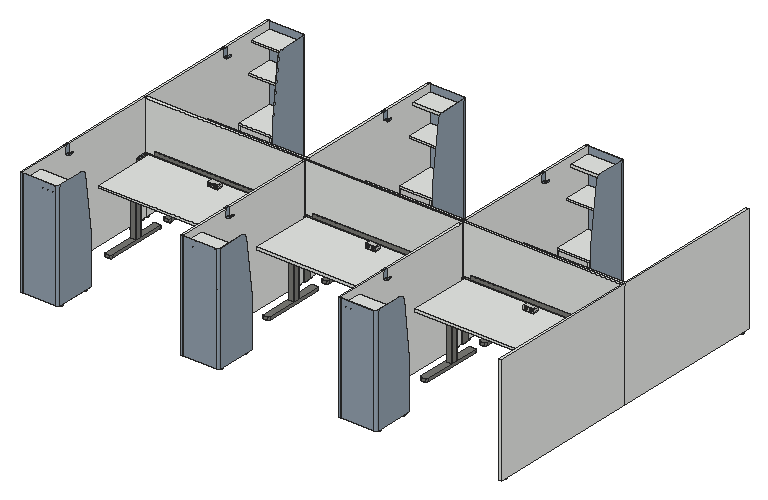
Revit family "Layout-Teknion-Expansion_Cityline_Height_Adjustable_Workstation_10-R2021", category Furniture Systems, Revit 2021 (continued)
Definition of nested family "Support-Teknion-JNXRMH_hiSpace_Quick_Connect_Height_Adjustable_Mechanism_Rectangular-R2021"
  Lines and regions (in)
    symbolic lines, detail levels fine
      curve 82: arc (28.17286, 10.28474, 0) -> (28.01586, 10.12774, 0) -> (27.85885, 10.28474, 0) r 0.157
      curve 83: arc (-29.00035, 10.28474, 0) -> (-28.0161, 11.26899, 0) -> (-27.03185, 10.28474, 0) r 0.98425
      curve 84: arc (-28.1731, 10.28474, 0) -> (-28.0161, 10.44174, 0) -> (-27.8591, 10.28474, 0) r 0.157
      curve 85: arc (-27.8591, 10.28474, 0) -> (-28.0161, 10.12774, 0) -> (-28.1731, 10.28474, 0) r 0.157
      curve 86: arc (-27.03185, 10.28474, 0) -> (-28.0161, 9.30049, 0) -> (-29.00035, 10.28474, 0) r 0.98425
      curve 87: arc (-27.03185, -10.28354, 0) -> (-28.0161, -9.29928, 0) -> (-29.00035, -10.28354, 0) r 0.98425
      curve 88: arc (-27.8591, -10.28354, 0) -> (-28.0161, -10.12653, 0) -> (-28.1731, -10.28354, 0) r 0.157
      curve 89: arc (-28.1731, -10.28354, 0) -> (-28.0161, -10.44054, 0) -> (-27.8591, -10.28354, 0) r 0.157
      curve 90: arc (-29.00035, -10.28354, 0) -> (-28.0161, -11.26779, 0) -> (-27.03185, -10.28354, 0) r 0.98425
    reference lines
      curve 91: line (-30.32, 11.5, 0) -> (30.32, 11.5, 0)
      curve 92: line (-30.32, -11.5, 0) -> (-30.32, 11.5, 0)
      curve 93: line (30.32, -11.5, 0) -> (-30.32, -11.5, 0)
      curve 94: line (30.32, 11.5, 0) -> (30.32, -11.5, 0)
  Dimensions and locks (in)
    plane 4 "Left" to plane 5 "Right" = 60.640"
    plane 6 "Back" to plane 7 "Front" = 23.31496"
    "Base Mechanism(Height)": plane 8 "Top" to level
    equal spacing: plane 6 "Back", plane 1 "Center Front/Back", plane 7 "Front"
    equal spacing: plane 4 "Left", plane 3 "Center Left/Right", plane 5 "Right"
    locked: Sweep 1 sketch curve to Sweep 1 sketch curve at 1.18898
    locked: Sweep 1 sketch curve to Sweep 1 sketch curve at 3.24409
    locked: plane 4 "Left" to Sweep 1 sketch curve at 0.68185
    locked: Sweep 1 sketch curve to plane 2 at 0.27559
    locked: Sweep 2 sketch curve to Sweep 2 sketch curve at 2.71654
    locked: Sweep 3 sketch curve to Sweep 3 sketch curve at 2.34646
    locked: Sweep 4 sketch curve to Sweep 4 sketch curve at 1.9685
    Sweep 2 sketch curve to Sweep 2 sketch curve = 2.71654"
    Sweep 3 sketch curve to Sweep 3 sketch curve = 2.34646"
    Sweep 4 sketch curve to Sweep 4 sketch curve = 1.9685"
    locked: Sweep 2 sketch curve to Sweep 2 sketch curve at 17.31496
    locked: Sweep 2 sketch curve to plane 4 "Left" at 2.28421
    locked: Sweep 1 to Sweep 2 sketch curve at 0.24409
    locked: Sweep 1 to Sweep 3 sketch curve at 0.44882
    locked: Sweep 4 sketch curve to plane 4 "Left" at 2.3039
    locked: Sweep 1 to Sweep 4 sketch curve at 0.6378
    locked: Sweep 5 sketch curve to Sweep 5 sketch curve at 3.79921
    locked: plane 1 "Center Front/Back" to Sweep 5 sketch curve at 0.13787
    Sweep 5 sketch curve to Sweep 5 sketch curve to Sweep 5 sketch curve = 0.21654" locked, 1.63386" locked
    Sweep 5 sketch curve to Sweep 5 sketch curve to Sweep 5 sketch curve to Sweep 5 sketch curve = 0.55118" locked, 0.40652" locked, 7.70372" locked
    locked: Revolve 6 sketch curve to plane 4 "Left" at 2.3039
    locked: Revolve 6 sketch curve to Revolve 6 sketch curve at 0.2315
    Revolve 6 sketch curve to Revolve 6 sketch curve to Revolve 6 sketch curve = 0.157" locked, 0.82725" locked
    locked: Revolve 7 sketch curve to Revolve 7 sketch curve at 0.2315
    Revolve 7 sketch curve to Revolve 7 sketch curve to Revolve 7 sketch curve = 0.157" locked, 0.82725" locked
    locked: Revolve 7 sketch curve to plane 5 "Right" at 2.30436
    Revolve 8 sketch curve to Revolve 8 sketch curve to Revolve 8 sketch curve = 0.157" locked, 0.82725" locked
    locked: Revolve 8 sketch curve to Revolve 8 sketch curve at 0.2315
    locked: Revolve 8 sketch curve to plane 4 "Left" at 2.3039
    Revolve 9 sketch curve to Revolve 9 sketch curve to Revolve 9 sketch curve = 0.157" locked, 0.82725" locked
    locked: Revolve 9 sketch curve to Revolve 9 sketch curve at 0.2315
    locked: Revolve 9 sketch curve to plane 5 "Right" at 2.30414
    locked: Sweep 10 sketch curve to Sweep 10 sketch curve at 1.7126
    equal spacing: Sweep 10 sketch curve, plane 3 "Center Left/Right", Sweep 10 sketch curve, locked at 4.6752 each
    plane 1 "Center Front/Back" to Sweep 10 sketch curve to Sweep 10 sketch curve = 0.11819" locked, 3.83858" locked
    locked: Sweep 11 sketch curve to Sweep 11 sketch curve at 0.07874
    locked: Sweep 11 sketch curve to plane 5 "Right" at 6.79209
    plane 7 "Front" to Sweep 11 sketch curve to Sweep 11 sketch curve = 0.88386" locked, 1.6378" locked
    Sweep 11 sketch curve to Sweep 11 sketch curve to plane 5 "Right" = 4.34646" locked, 2.44563" locked
    locked: Sweep 12 sketch curve to Sweep 12 sketch curve at 0.15748
    locked: Sweep 12 sketch curve to plane 5 "Right" at 4.61886
    Sweep 12 sketch curve to plane 10 to Sweep 12 sketch curve = 1.04127" locked, 0.95184" locked
    Sweep 12 sketch curve to Sweep 12 sketch curve to plane 5 "Right" = 3.73228" locked, 2.75272" locked
    plane 7 "Front" to Sweep 13 sketch curve to Sweep 13 sketch curve = 0.09843" locked, 0.47052" locked
    plane 8 "Top" to Sweep 13 sketch curve to Sweep 13 sketch curve = 0.75724" locked, 0.27165" locked
    locked: Sweep 14 sketch curve to Sweep 14 sketch curve at 3.79921
    Sweep 14 sketch curve to Sweep 14 sketch curve to Sweep 14 sketch curve = 0.21654" locked, 1.63386" locked
    Sweep 14 sketch curve to Sweep 14 sketch curve to Sweep 14 sketch curve to Sweep 14 sketch curve = 7.70372" locked, 0.40652" locked, 0.55118" locked
    locked: plane 1 "Center Front/Back" to Sweep 14 sketch curve at 0.13787
    locked: Sweep 15 sketch curve to Sweep 15 sketch curve at 1.18898
    locked: Sweep 15 sketch curve to Sweep 15 sketch curve at 3.24409
    locked: Sweep 15 sketch curve to plane 5 "Right" at 2.30436
    locked: Sweep 15 sketch curve to plane 5 "Right" at 0.68231
    locked: Sweep 16 sketch curve to Sweep 16 sketch curve at 2.71654
    locked: Sweep 17 sketch curve to Sweep 17 sketch curve at 2.34646
    locked: Sweep 18 sketch curve to Sweep 18 sketch curve at 1.9685
    Sweep 16 sketch curve to Sweep 16 sketch curve = 2.71654"
    Sweep 17 sketch curve to Sweep 17 sketch curve = 2.34646"
    Sweep 18 sketch curve to Sweep 18 sketch curve = 1.9685"
    locked: Sweep 16 sketch curve to Sweep 16 sketch curve at 17.31496
    locked: Sweep 16 sketch curve to plane 5 "Right" at 2.32404
    locked: plane 1 "Center Front/Back" to Sweep 16 sketch curve at 0.65953
    locked: Sweep 16 sketch curve to plane 5 "Right" at 0.96578
    locked: plane 1 "Center Front/Back" to Sweep 17 sketch curve at 0.86425
    locked: Sweep 17 sketch curve to plane 5 "Right" at 1.13113
    locked: Sweep 18 sketch curve to plane 5 "Right" at 2.30436
    locked: plane 1 "Center Front/Back" to Sweep 18 sketch curve at 1.05323
    locked: Sweep 18 sketch curve to plane 5 "Right" at 1.32011
    locked: plane 1 "Center Front/Back" to Sweep 19 sketch curve at 6.14969
    Sweep 19 sketch curve to plane 3 "Center Left/Right" to Sweep 19 sketch curve = 4.87008" locked, 4.87008" locked
    plane 8 "Top" to Sweep 19 sketch curve to Sweep 19 sketch curve = 0.14764" locked, 1.47638" locked
    plane 1 "Center Front/Back" to Sweep 19 sketch curve to Sweep 19 sketch curve = 6.07094" locked, 1.14173" locked
    Sweep 20 sketch curve to plane 3 "Center Left/Right" to Sweep 20 sketch curve = 5.98622" locked, 5.98622" locked
    locked: plane 1 "Center Front/Back" to Sweep 20 sketch curve at 7.27173
    Sweep 20 sketch curve to Sweep 20 sketch curve to Sweep 20 sketch curve = 1.56693" locked, 0.05906" locked
    plane 1 "Center Front/Back" to Sweep 20 sketch curve to Sweep 20 sketch curve to Sweep 20 sketch curve = 6.01189" locked, 1.20079" locked, 0.05906" locked
    locked: Sweep 21 sketch curve to Sweep 21 sketch curve at 0.12992
    plane 8 "Top" to Sweep 21 sketch curve to Sweep 21 sketch curve = 0.36083" locked, 1.050" locked  (x4)
    plane 3 "Center Left/Right" to Sweep 21 sketch curve to Sweep 21 sketch curve = 0.18169" locked, 1.050" locked
    Sweep 21 sketch curve to Sweep 21 sketch curve to plane 3 "Center Left/Right" = 1.050" locked, 0.02815" locked
    Sweep 21 sketch curve to Sweep 21 sketch curve to Sweep 21 sketch curve = 0.20984" locked, 1.050" locked  (x2)
    Sweep 21 sketch curve to Sweep 21 sketch curve to Sweep 21 sketch curve to Sweep 21 sketch curve to Sweep 21 sketch curve to Sweep 21 sketch curve = 0.03937" locked, 0.27008" locked, 0.03937" locked, 0.44134" locked, 0.17323" locked  (x4)
    Sweep 21 sketch curve to Sweep 21 sketch curve to Sweep 21 sketch curve to Sweep 21 sketch curve to Sweep 21 sketch curve to Sweep 21 sketch curve to Sweep 21 sketch curve = 0.24961" locked, 0.07205" locked, 0.0998" locked, 0.20709" locked, 0.1002" locked, 0.07205" locked  (x4)
    "Width": plane 12 to plane 11
    "Width Configuration Length": plane 12 to plane 4 "Left"
    "Width Configuration Length": plane 5 "Right" to plane 11
    "Depth": plane 6 "Back" to plane 13
    locked: plane 13 to plane 7 "Front" at 0.31496
    Sweep 11 to Sweep 13 sketch curve to Sweep 13 sketch curve = 0.19685" locked, 0.98031" locked
    Sweep 13 sketch curve to Sweep 12 to Sweep 13 sketch curve = 0.69685" locked, 4.42913" locked
    locked: plane 6 "Back" to plane 9 at 1.21526
    locked: plane 13 to plane 10 at 1.21646
    locked: plane 1 "Center Front/Back" to Sweep 2 sketch curve at 0.65953
    locked: plane 1 "Center Front/Back" to Sweep 3 sketch curve at 0.86425
    locked: plane 1 "Center Front/Back" to Sweep 4 sketch curve at 1.05323
    locked: nested 1 to Sweep 16 at 1.35827  (x2)
    locked: Sweep 2 to nested 2 at 1.35827
    locked: nested 2 to Sweep 2 at 1.35827
    locked: plane 16 to plane 2 at 18.77953
    locked: plane 8 "Top" to plane 14 at 1.85039
    equal spacing: plane 14, plane 15, plane 16
    locked: plane 8 "Top" to Sweep 4 sketch curve at 1.85039
    locked: Sweep 3 sketch curve to plane 4 "Left" at 2.25
    locked: Sweep 17 sketch curve to plane 5 "Right" at 2.25
    aligned and locked: level to plane 2
    aligned and locked: Sweep 1 sketch curve to plane 6 "Back"
    aligned and locked: Sweep 5 sketch curve to plane 4 "Left"
    aligned and locked: plane 4 "Left" to Sweep 5 sketch curve
    aligned and locked: Sweep 5 sketch curve to plane 8 "Top"
    aligned and locked: Sweep 1 to Revolve 6 sketch curve
    aligned and locked: level to Revolve 6 sketch curve
    aligned and locked: Revolve 6 sketch curve to Sweep 1
    aligned and locked: Revolve 6 sketch curve to level
    aligned and locked: Revolve 6 sketch curve to Revolve 6 sketch curve
    aligned and locked: Revolve 7 sketch curve to Revolve 7 sketch curve
    aligned and locked: Revolve 7 sketch curve to plane 2
    aligned and locked: Sweep 1 to Revolve 8 sketch curve
    aligned and locked: Revolve 6 to Revolve 8 sketch curve
    aligned and locked: Revolve 8 sketch curve to Sweep 1
    aligned and locked: Revolve 8 sketch curve to plane 2
    aligned and locked: Revolve 8 sketch curve to Revolve 8 sketch curve
    aligned and locked: Revolve 9 sketch curve to Revolve 9 sketch curve
    aligned and locked: Revolve 9 sketch curve to plane 2
    aligned and locked: plane 8 "Top" to Sweep 10 sketch curve
    aligned and locked: Sweep 10 sketch curve to plane 3 "Center Left/Right"
    aligned and locked: plane 8 "Top" to Sweep 11 sketch curve
    aligned and locked: Sweep 11 to Sweep 12 sketch curve
    aligned and locked: plane 5 "Right" to Sweep 14 sketch curve
    aligned and locked: plane 8 "Top" to Sweep 14 sketch curve
    aligned and locked: Sweep 14 sketch curve to plane 5 "Right"
    aligned and locked: Revolve 7 to Sweep 15 sketch curve
    aligned and locked: Sweep 15 sketch curve to plane 6 "Back"
    aligned and locked: Sweep 15 to Sweep 16 sketch curve
    aligned and locked: Sweep 20 sketch curve to plane 8 "Top"
    aligned and locked: Sweep 21 sketch curve to plane 3 "Center Left/Right"
    aligned and locked: Sweep 20 to Sweep 21 sketch curve
    aligned and locked: plane 13 to Sweep 1 sketch curve
    aligned and locked: plane 13 to Sweep 15 sketch curve
    aligned and locked: Masking region 1 sketch curve to Sweep 5  (x4)
    aligned and locked: Masking region 1 sketch curve to Sweep 1  (x4)
    aligned and locked: Masking region 1 sketch curve to Sweep 10  (x4)
    aligned and locked: Masking region 1 sketch curve to Sweep 14  (x4)
    aligned and locked: Sweep 15 to Masking region 1 sketch curve
    aligned and locked: Masking region 1 sketch curve to Sweep 15  (x3)
    aligned and locked: Masking region 1 sketch curve to Sweep 13  (x4)
    aligned and locked: Masking region 1 sketch curve to Sweep 11  (x2)
    aligned and locked: Masking region 2 sketch curve to Sweep 20  (x4)
    aligned and locked: Masking region 2 sketch curve to Sweep 21  (x6)
    aligned and locked: curve 1 to Sweep 5
    aligned and locked: curve 2 to Sweep 5
    aligned and locked: curve 3 to Sweep 14
    aligned and locked: curve 4 to Sweep 14
    aligned and locked: curve 8 to Sweep 11
    aligned and locked: curve 9 to Sweep 11
    aligned and locked: curve 10 to Sweep 11
    aligned and locked: curve 11 to Sweep 13
    aligned and locked: curve 14 to Sweep 13
    aligned and locked: curve 16 to Sweep 13
    aligned and locked: curve 17 to Sweep 21
    aligned and locked: curve 18 to Sweep 5
    aligned and locked: curve 19 to Sweep 1
    aligned and locked: curve 20 to Sweep 1
    aligned and locked: curve 23 to Sweep 4
    aligned and locked: curve 24 to Sweep 2
    aligned and locked: curve 26 to Sweep 4
    aligned and locked: curve 38 to Sweep 2
    aligned and locked: curve 39 to Sweep 4
    aligned and locked: curve 41 to Sweep 2
    aligned and locked: curve 42 to Sweep 4
    aligned and locked: curve 44 to Sweep 2
    aligned and locked: curve 45 to Sweep 20
    aligned and locked: curve 46 to Sweep 19
    aligned and locked: curve 47 to Sweep 19
    aligned and locked: curve 48 to Sweep 19
    aligned and locked: curve 49 to Sweep 14
    aligned and locked: curve 53 to Sweep 16
    aligned and locked: curve 55 to Sweep 18
    aligned and locked: curve 56 to Sweep 18
    aligned and locked: curve 58 to Sweep 16
    aligned and locked: curve 68 to Sweep 18
    aligned and locked: curve 70 to Sweep 16
    aligned and locked: curve 71 to Sweep 18
    aligned and locked: curve 73 to Sweep 16
    aligned and locked: curve 74 to Sweep 13
    aligned and locked: curve 75 to Revolve 7
    aligned and locked: curve 76 to Revolve 7
    aligned and locked: curve 77 to Revolve 7
    aligned and locked: curve 78 to Revolve 7
    aligned and locked: curve 79 to Revolve 9
    aligned and locked: curve 80 to Revolve 9
    aligned and locked: curve 81 to Revolve 9
    aligned and locked: curve 82 to Revolve 9
    aligned and locked: curve 83 to Revolve 8
    aligned and locked: curve 84 to Revolve 8
    aligned and locked: curve 85 to Revolve 8
    aligned and locked: curve 86 to Revolve 8
    aligned and locked: curve 87 to Revolve 6
    aligned and locked: curve 88 to Revolve 6
    aligned and locked: curve 89 to Revolve 6
    aligned and locked: curve 90 to Revolve 6
    aligned and locked: curve 91 to plane 6 "Back"
    aligned and locked: plane 13 to curve 93
    aligned and locked: plane 4 "Left" to curve 92
    aligned and locked: plane 5 "Right" to curve 94
    aligned and locked: Sweep 10 to nested 3
    aligned and locked: plane 3 "Center Left/Right" to nested 3
    aligned and locked: plane 15 to Sweep 4 sketch curve
    aligned and locked: plane 14 to Sweep 18 sketch curve
    aligned and locked: plane 15 to Sweep 18 sketch curve
    aligned and locked: plane 16 to Sweep 3 sketch curve
    aligned and locked: plane 15 to Sweep 3 sketch curve
    aligned and locked: plane 15 to Sweep 17 sketch curve
    aligned and locked: plane 16 to Sweep 17 sketch curve
  Automatic sketch dimensions
    Sweep 13 sketch curve to profile plane = 0.000"  (x2)
    Sweep 13 sketch curve to Sweep 13 sketch curve = 0.19685"
    Sweep 13 sketch curve to Sweep 13 sketch curve = 0.000"
    plane 4 "Left" to Sweep 1 sketch curve = 2.3039"
    Sweep 1 sketch curve to Sweep 1 sketch curve = 0.6378"  (x4)
    Sweep 2 sketch curve to Sweep 2 sketch curve = 0.1378"  (x4)
    Sweep 3 sketch curve to Sweep 3 sketch curve = 0.09843"  (x3)
    Sweep 3 sketch curve to Sweep 3 sketch curve = 0.0985"
    Sweep 3 sketch curve to Sweep 3 sketch curve = 0.00386"
    Sweep 4 sketch curve to Sweep 4 sketch curve = 0.09843"  (x4)
    Sweep 5 sketch curve to Sweep 5 sketch curve = 0.15748"
    Sweep 5 sketch curve to Sweep 5 sketch curve = 0.15211"
    Sweep 5 sketch curve to Sweep 5 sketch curve = 0.11672"
    Revolve 7 sketch curve to level = 0.000"
    Revolve 7 sketch curve to Revolve 7 sketch curve = 0.000"
    Revolve 9 sketch curve to level = 0.000"
    Revolve 9 sketch curve to Revolve 9 sketch curve = 0.04409"
    Revolve 9 sketch curve to Revolve 9 sketch curve = 0.000"
    profile plane to Sweep 10 sketch curve = 4.6752"
    Sweep 11 sketch curve to Sweep 11 sketch curve = 0.31496"  (x4)
    Sweep 14 sketch curve to Sweep 14 sketch curve = 0.15211"
    profile plane to Sweep 14 sketch curve = 0.15748"
    Sweep 14 sketch curve to Sweep 14 sketch curve = 0.11672"
    Sweep 15 sketch curve to Sweep 15 sketch curve = 0.6378"  (x4)
    Sweep 16 sketch curve to Sweep 16 sketch curve = 0.1378"  (x4)
    Sweep 17 sketch curve to Sweep 17 sketch curve = 0.09843"  (x3)
    Sweep 17 sketch curve to Sweep 17 sketch curve = 0.0985"
    Sweep 17 sketch curve to Sweep 17 sketch curve = 0.00386"
    Sweep 18 sketch curve to Sweep 18 sketch curve = 0.09843"  (x4)
    profile plane to Sweep 19 sketch curve = 0.00358"
    profile plane to Sweep 19 sketch curve = 0.00374"
    Sweep 19 sketch curve to Sweep 19 sketch curve = 0.99173"
    Sweep 19 sketch curve to Sweep 19 sketch curve = 0.075"
    Sweep 20 sketch curve to Sweep 20 sketch curve = 0.0315"
    Sweep 21 sketch curve to Sweep 21 sketch curve = 0.03954"
    Sweep 21 sketch curve to Sweep 21 sketch curve = 0.040"  (x15)
    Sweep 21 sketch curve to Sweep 21 sketch curve = 0.10354"  (x4)
    Revolve 7 sketch curve to Revolve 7 sketch curve = 0.04409"
    Masking region 1 sketch curve to Masking region 1 sketch curve = 3.05859"
    Masking region 1 sketch curve to Masking region 1 sketch curve = 0.93261"
    Masking region 1 sketch curve to plane 7 "Front" = 0.09843"  (x2)
    Masking region 1 sketch curve to Masking region 1 sketch curve = 0.33657"
    Masking region 1 sketch curve to Masking region 1 sketch curve = 0.19685"  (x2)
    Masking region 1 sketch curve to Masking region 1 sketch curve = 3.79921"
    Masking region 1 sketch curve to plane 1 "Center Front/Back" = 0.13787"  (x2)
    Masking region 1 sketch curve to Masking region 1 sketch curve = 0.000"
    Masking region 2 sketch curve to Masking region 2 sketch curve = 1.050"  (x2)
    Masking region 2 sketch curve to Masking region 2 sketch curve = 1.25984"
    Masking region 2 sketch curve to Masking region 2 sketch curve = 0.000"
    Masking region 2 sketch curve to Masking region 2 sketch curve = 0.12992"  (x5)
    Masking region 2 sketch curve to Masking region 2 sketch curve = 0.20984"
    Sweep 2 sketch curve to plane 16 = 0.000"
    curve 2 to plane 4 "Left" = 0.000"
    curve 1 to plane 4 "Left" = 0.000"
    curve 4 to plane 5 "Right" = 0.000"
    curve 3 to plane 5 "Right" = 0.000"
    curve 24 to curve 33 = 0.1378"
    curve 41 to curve 25 = 0.06693"
    curve 25 to curve 34 = 0.09843"
    curve 25 to curve 40 = 0.09843"
    curve 35 to curve 23 = 0.09843"
    curve 36 to curve 30 = 0.09843"
    curve 27 to curve 28 = 0.09232"
    curve 37 to curve 38 = 0.12598"
    curve 43 to curve 31 = 0.19508"
    curve 11 to curve 10 = 0.50787"
    curve 11 to curve 12 = 0.19685"
    curve 74 to curve 14 = 0.19685"
    curve 14 to curve 16 = 0.09843"
    curve 28 to curve 27 = 0.18898"
    curve 31 to curve 38 = 0.12992"
    curve 37 to curve 37 = 0.00386"
    curve 18 to curve 2 = 0.55118"
    curve 18 to curve 1 = 0.55118"
    curve 45 to curve 46 = 1.11614"
    curve 17 to plane 3 "Center Left/Right" = 1.23169"
    curve 17 to curve 47 = 1.27224"
    curve 47 to curve 45 = 1.11614"
    curve 4 to curve 49 = 0.55118"
    curve 3 to curve 49 = 0.55118"
    plane 13 to curve 13 = 0.07677"
    curve 13 to curve 13 = 0.19685"
    curve 74 to curve 10 = 0.19291"
    curve 7 to curve 10 = 0.000"
    plane 13 to curve 12 = 0.07677"
    curve 14 to plane 7 "Front" = 0.09843"
    plane 10 to curve 19 = 0.57867"
    plane 10 to curve 20 = 0.57867"
    plane 9 to curve 20 = 0.57747"
    plane 9 to curve 19 = 0.57747"
    curve 73 to curve 60 = 0.06693"
    curve 60 to curve 54 = 0.09843"
    curve 60 to curve 72 = 0.09843"
    curve 69 to curve 70 = 0.12598"
    curve 51 to curve 58 = 0.12598"
    curve 57 to curve 66 = 0.09843"
    curve 70 to curve 63 = 0.06693"
    curve 66 to curve 58 = 0.12992"
    curve 66 to curve 57 = 0.00386"
  Nested families (in)
    nested 1: "Teknion_2D_Node_Family-R2020" at (27.99596, 1.86031, 0), type "Teknion_2D_Node_Family-R2020"
    nested 2: "Teknion_2D_Node_Family-R2020" at (-28.03579, 1.86031, 0), type "Teknion_2D_Node_Family-R2020"
    nested 3: "Teknion_2D_Node_Family-R2020" at (0, -0.03929, 0), type "Teknion_2D_Node_Family-R2020"
  Definition of nested family "Teknion_2D_Node_Family-R2020"
    Reference planes (in)
      plane 1 "Center (Front/Back)": y = 0
      plane 2: z = 0
      plane 3 "Center (Left/Right)": x = 0
    Lines and regions (in)
      detail lines, in view "Ref. Level"
        curve 1: circle (0, 0, 0) r 1.25 normal (0, 0, 1)
        curve 2: line (1.91508, -1.91508, 0) -> (-1.91508, 1.91508, 0)
        curve 3: line (-1.91508, -1.91508, 0) -> (1.91508, 1.91508, 0)
Definition of nested family "Worksurface-Teknion-JNXRW_hiSpace_Rectangular_Worksurface_With_Quick_Connect_Kit-R2021"
  Parameters (values of type "Diamond & Square Cut-Outs - Left")
    Worksurface Finish [instance] = none
    Width Configuration Distance [instance] = if(Standard Width, 4.110", if([User Optimized Width (Accessory Restriction)], 1.110", 1.110"))  # 4.110"
    Width Configuration Option [instance] = "Select Width Configuration. Standard Width are Default"  # constant formula
    Width [instance] = 52.000"
    Warranty = "http://www.teknion.com/ca/papers/legal-canada"
    User Optimized Width (Accessory Restriction) [instance] = no
    Unit Weight URL = "http://www.teknion.com/ca/tools/assets#&asset=bee6a381-b954-425e-8283-5a2de3a804f2,f828d448-4b62-4231-9e5f-9a8991c0ed77"
    URL = "www.teknion.com"
    To render please download texture images found here [instance] = "https://assets.teknion.com/web/5e81352c1dfdb467/revit-material-swatches/"
    Sustainability Data = "https://www.teknion.com/ca/tools/assets#&topic=216f99a5-57a0-44fc-b10a-9dee9b29ae4c&asset=444deb64-fe58-4b68-981e-f75e97781df7,b4ff2d81-9f2e-437d-9659-7cffb09c31cf"
    Standard Width [instance] = not([User Optimized Width (Accessory Restriction)])  # yes
    Standard [instance] = no
    Square Cut-Out - Distance [instance] = if((and(Width < 48.000", Depth = 23.000")), 14.053", if((and(Width > 48.000", Depth = 23.000")), 15.553", 4.553"))  # 15.553"
    SR - Square Cut-Out - Right = no
    SL - Square Cut-Out - Left = no
    SC - Square Cut-Out - Center = no
    Series = "Expansion Cityline"  # constant formula
    Product Page URL = "https://www.teknion.com/ca/products/product-details?productLineId=9ad2a26e-8e7a-673b-a6c8-ff05004460c4"
    Product Line = "Height-Adjustability"  # constant formula
    Product Documentation Link = "https://www.teknion.com/pricing/expansion-cityline/pdfs/JNXRW_ppg.pdf"
    Part Number = "JNXRW"  # constant formula
    Node - Cut-Out Right [instance] = or([CR - Diamond & Square Cut-Outs - Right], [DR - Diamond Cut-Out - Right], [SR - Square Cut-Out - Right])  # no
    Node - Cut-Out Left [instance] = or([CL - Diamond & Square Cut-Outs - Left], [DL - Diamond Cut-Out - Left], [SL - Square Cut-Out - Left])  # yes
    Node - Cut-Out Center [instance] = or([CL - Diamond & Square Cut-Outs - Left], [CR - Diamond & Square Cut-Outs - Right], [DC - Diamond Cut-Out - Center], [SC - Square Cut-Out - Center])  # yes
    NN - None = no
    Model = "JNXRWCC____CL"
    Masking Region - Standard Corner, SR [instance] = and(Standard, [SR - Square Cut-Out - Right])  # no
    Masking Region - Standard Corner, SL [instance] = and(Standard, [SL - Square Cut-Out - Left])  # no
    Masking Region - Standard Corner, SC [instance] = and(Standard, [SC - Square Cut-Out - Center])  # no
    Masking Region - Standard Corner, NN [instance] = and(Standard, [NN - None])  # no
    Masking Region - Standard Corner, DR [instance] = and(Standard, [DR - Diamond Cut-Out - Right])  # no
    Masking Region - Standard Corner, DL [instance] = and(Standard, [DL - Diamond Cut-Out - Left])  # no
    Masking Region - Standard Corner, DC [instance] = and(Standard, [DC - Diamond Cut-Out - Center])  # no
    Masking Region - Standard Corner, CR [instance] = and(Standard, [CR - Diamond & Square Cut-Outs - Right])  # no
    Masking Region - Standard Corner, CL [instance] = and(Standard, [CL - Diamond & Square Cut-Outs - Left])  # no
    Masking Region - Curved Corner, SR [instance] = and(Curved, [SR - Square Cut-Out - Right])  # no
    Masking Region - Curved Corner, SL [instance] = and(Curved, [SL - Square Cut-Out - Left])  # no
    Masking Region - Curved Corner, SC [instance] = and(Curved, [SC - Square Cut-Out - Center])  # no
    Masking Region - Curved Corner, NN [instance] = and(Curved, [NN - None])  # no
    Masking Region - Curved Corner, DR [instance] = and(Curved, [DR - Diamond Cut-Out - Right])  # no
    Masking Region - Curved Corner, DL [instance] = and(Curved, [DL - Diamond Cut-Out - Left])  # no
    Masking Region - Curved Corner, DC [instance] = and(Curved, [DC - Diamond Cut-Out - Center])  # no
    Masking Region - Curved Corner, CR [instance] = and(Curved, [CR - Diamond & Square Cut-Outs - Right])  # no
    Masking Region - Curved Corner, CL [instance] = and(Curved, [CL - Diamond & Square Cut-Outs - Left])  # yes
    Manufacturer Phone = "416-661-3370"  # constant formula
    Manufacturer Fax = "416.661.4586"  # constant formula
    Manufacturer Contact Information = "http://www.teknion.com/ca/contactus"
    Manufacturer Address = "1150 Flint Road, Toronto, ON. M3J 2J5. Canada"  # constant formula
    Manufacturer = "Teknion"  # constant formula
    How To Use Teknion Materials User Guide [instance] = "https://assets.teknion.com/m/205dd0a49fa58060/original/How-to-add-a-Material-Library-and-Texture-Images-to-your-Revit-project.pdf"
    Grommet - Square Right = or([SR - Square Cut-Out - Right], [CR - Diamond & Square Cut-Outs - Right])  # no
    Grommet - Square Left = or([SL - Square Cut-Out - Left], [CL - Diamond & Square Cut-Outs - Left])  # yes
    Grommet - Square Center = [SC - Square Cut-Out - Center]  # no
    Frame Finish [instance] = none
    For Additional Finishes please visit [instance] = "https://assets.teknion.com/m/44a8009b046e5d47/original/Teknion_Materials_Library.zip"
    Diamond Cut-Out - Distance [instance] = if((Depth = 23.000"), 14.358", 3.358")  # 14.358"
    Description = "hiSpace Rectangular Worksurface With Quick Connect Kit - C-Legs Leg Application, Diamond & Square Cut-Outs - Left Cut-Out Style"
    Depth [instance] = 23.000"
    Default Elevation = 0.000"
    DR - Diamond Cut-Out - Right = no
    DL - Diamond Cut-Out - Left = no
    DC - Diamond Cut-Out - Center = no
    Cut-Out Style Option = "Cut-Out Style"  # constant formula
    Cut-Out - Square Right = if([SR - Square Cut-Out - Right], 10.000", if([CR - Diamond & Square Cut-Outs - Right], 10.000", 0.500"))  # 0.500"
    Cut-Out - Square Left = if([SL - Square Cut-Out - Left], 10.000", if([CL - Diamond & Square Cut-Outs - Left], 10.000", 0.500"))  # 10.000"
    Cut-Out - Square Center = if([SC - Square Cut-Out - Center], 10.000", 0.500")  # 0.500"
    Cut-Out - Diamond Right = if([DR - Diamond Cut-Out - Right], 10.000", 0.500")  # 0.500"
    Cut-Out - Diamond Left = if([DL - Diamond Cut-Out - Left], 10.000", 0.500")  # 0.500"
    Cut-Out - Diamond Center = if([DC - Diamond Cut-Out - Center], 10.000", if([CL - Diamond & Square Cut-Outs - Left], 10.000", if([CR - Diamond & Square Cut-Outs - Right], 10.000", 0.500")))  # 10.000"
    Curved [instance] = not(Standard)  # yes
    Corner Detail Option [instance] = "Select Corner Detail. Curved are Default"  # constant formula
    CR - Diamond & Square Cut-Outs - Right = no
    CL - Diamond & Square Cut-Outs - Left = yes
    Available Width [instance] = if([DC - Diamond Cut-Out - Center], "46, 52, 55, 58, 61, 64, 67 & 70 Inch", "46, 49, 52, 55, 58, 61, 64, 67 & 70 Inch")  # "46, 49, 52, 55, 58, 61, 64, 67 & 70 Inch"
    Available Depth [instance] = if(or([DL - Diamond Cut-Out - Left], [DR - Diamond Cut-Out - Right]), "23 & 29 Inch. Depth 23 Inch not Available for Width 46.", "23 & 29 Inch")  # "23 & 29 Inch"
    Assembly Code = "E2020200"
  Types (10): name | Width Configuration Distance | Width | User Optimized Width (Accessory Restriction) | Standard Width | Standard | Square Cut-Out - Distance | SR - Square Cut-Out - Right | SL - Square Cut-Out - Left | SC - Square Cut-Out - Center | Node - Cut-Out Right | Node - Cut-Out Left | Node - Cut-Out Center | NN - None | Model | Masking Region - Standard Corner, DC | Masking Region - Curved Corner, SR | Masking Region - Curved Corner, SL | Masking Region - Curved Corner, SC | Masking Region - Curved Corner, NN | Masking Region - Curved Corner, DR | Masking Region - Curved Corner, DL | Masking Region - Curved Corner, CR | Masking Region - Curved Corner, CL | Grommet - Square Right | Grommet - Square Left | Grommet - Square Center | Description | DR - Diamond Cut-Out - Right | DL - Diamond Cut-Out - Left | DC - Diamond Cut-Out - Center | Cut-Out - Square Right | Cut-Out - Square Left | Cut-Out - Square Center | Cut-Out - Diamond Right | Cut-Out - Diamond Left | Cut-Out - Diamond Center | Curved | CR - Diamond & Square Cut-Outs - Right | CL - Diamond & Square Cut-Outs - Left | Available Width | Available Depth
    (no name) | 4.110" | 52.000" | no | yes | no | 15.553" | no | no | no | no | yes | yes | no | "JNXRWCC____CL" | no | no | no | no | no | no | no | no | yes | no | yes | no | "hiSpace Rectangular Worksurface With Quick Connect Kit - C-Legs Leg Application, Diamond & Square Cut-Outs - Left Cut-Out Style" | no | no | no | 0.500" | 10.000" | 0.500" | 0.500" | 0.500" | 10.000" | yes | no | yes | "46, 49, 52, 55, 58, 61, 64, 67 & 70 Inch" | "23 & 29 Inch"
    Diamond & Square Cut-Outs - Left | 4.110" | 52.000" | no | yes | no | 15.553" | no | no | no | no | yes | yes | no | "JNXRWCC____CL" | no | no | no | no | no | no | no | no | yes | no | yes | no | "hiSpace Rectangular Worksurface With Quick Connect Kit - C-Legs Leg Application, Diamond & Square Cut-Outs - Left Cut-Out Style" | no | no | no | 0.500" | 10.000" | 0.500" | 0.500" | 0.500" | 10.000" | yes | no | yes | "46, 49, 52, 55, 58, 61, 64, 67 & 70 Inch" | "23 & 29 Inch"
    Diamond & Square Cut-Outs - Right | 4.110" | 70.000" | no | yes | no | 15.553" | no | no | no | yes | no | yes | no | "JNXRWCC____CR" | no | no | no | no | no | no | no | yes | no | yes | no | no | "hiSpace Rectangular Worksurface With Quick Connect Kit - C-Legs Leg Application, Diamond & Square Cut-Outs - Right Cut-Out Style" | no | no | no | 10.000" | 0.500" | 0.500" | 0.500" | 0.500" | 10.000" | yes | yes | no | "46, 49, 52, 55, 58, 61, 64, 67 & 70 Inch" | "23 & 29 Inch"
    Diamond Cut-Out - Center | 1.110" | 52.000" | yes | no | yes | 15.553" | no | no | no | no | no | yes | no | "JNXRWCC____DC" | yes | no | no | no | no | no | no | no | no | no | no | no | "hiSpace Rectangular Worksurface With Quick Connect Kit - C-Legs Leg Application, Diamond Cut-Out - Center Cut-Out Style" | no | no | yes | 0.500" | 0.500" | 0.500" | 0.500" | 0.500" | 10.000" | no | no | no | "46, 52, 55, 58, 61, 64, 67 & 70 Inch" | "23 & 29 Inch"
    Diamond Cut-Out - Left | 4.110" | 52.000" | no | yes | no | 15.553" | no | no | no | no | yes | no | no | "JNXRWCC____DL" | no | no | no | no | no | no | yes | no | no | no | no | no | "hiSpace Rectangular Worksurface With Quick Connect Kit - C-Legs Leg Application, Diamond Cut-Out - Left Cut-Out Style" | no | yes | no | 0.500" | 0.500" | 0.500" | 0.500" | 10.000" | 0.500" | yes | no | no | "46, 49, 52, 55, 58, 61, 64, 67 & 70 Inch" | "23 & 29 Inch. Depth 23 Inch not Available for Width 46."
    Diamond Cut-Out - Right | 4.110" | 52.000" | no | yes | no | 15.553" | no | no | no | yes | no | no | no | "JNXRWCC____DR" | no | no | no | no | no | yes | no | no | no | no | no | no | "hiSpace Rectangular Worksurface With Quick Connect Kit - C-Legs Leg Application, Diamond Cut-Out - Right Cut-Out Style" | yes | no | no | 0.500" | 0.500" | 0.500" | 10.000" | 0.500" | 0.500" | yes | no | no | "46, 49, 52, 55, 58, 61, 64, 67 & 70 Inch" | "23 & 29 Inch. Depth 23 Inch not Available for Width 46."
    None Cut-Out | 4.110" | 52.000" | no | yes | no | 15.553" | no | no | no | no | no | no | yes | "JNXRWCC____NN" | no | no | no | no | yes | no | no | no | no | no | no | no | "hiSpace Rectangular Worksurface With Quick Connect Kit - C-Legs Leg Application, None Cut-Out Style" | no | no | no | 0.500" | 0.500" | 0.500" | 0.500" | 0.500" | 0.500" | yes | no | no | "46, 49, 52, 55, 58, 61, 64, 67 & 70 Inch" | "23 & 29 Inch"
    Square Cut-Out - Center | 4.110" | 52.000" | no | yes | no | 15.553" | no | no | yes | no | no | yes | no | "JNXRWCC____SC" | no | no | no | yes | no | no | no | no | no | no | no | yes | "hiSpace Rectangular Worksurface With Quick Connect Kit - C-Legs Leg Application, Square Cut-Out - Center Cut-Out Style" | no | no | no | 0.500" | 0.500" | 10.000" | 0.500" | 0.500" | 0.500" | yes | no | no | "46, 49, 52, 55, 58, 61, 64, 67 & 70 Inch" | "23 & 29 Inch"
    Square Cut-Out - Left | 4.110" | 46.000" | no | yes | no | 14.053" | no | yes | no | no | yes | no | no | "JNXRWCC____SL" | no | no | yes | no | no | no | no | no | no | no | yes | no | "hiSpace Rectangular Worksurface With Quick Connect Kit - C-Legs Leg Application, Square Cut-Out - Left Cut-Out Style" | no | no | no | 0.500" | 10.000" | 0.500" | 0.500" | 0.500" | 0.500" | yes | no | no | "46, 49, 52, 55, 58, 61, 64, 67 & 70 Inch" | "23 & 29 Inch"
    Square Cut-Out - Right | 4.110" | 52.000" | no | yes | no | 15.553" | yes | no | no | yes | no | no | no | "JNXRWCC____SR" | no | yes | no | no | no | no | no | no | no | yes | no | no | "hiSpace Rectangular Worksurface With Quick Connect Kit - C-Legs Leg Application, Square Cut-Out - Right Cut-Out Style" | no | no | no | 10.000" | 0.500" | 0.500" | 0.500" | 0.500" | 0.500" | yes | no | no | "46, 49, 52, 55, 58, 61, 64, 67 & 70 Inch" | "23 & 29 Inch"
  Reference planes (in)
    plane 1 "Center Front/Back": y = 0
    plane 2: z = 0
    plane 3 "Center Left/Right": x = 0
    plane 4 "Left": x = -26
    plane 5 "Right": x = 26
    plane 6 "Back": y = 11.5
    plane 7 "Front": y = -11.5
    plane 8 "Top": z = 29
    plane 9: x = -21.89
    plane 10: x = 21.89
    plane 11: z = 27.81102
  Forms (in)
    Sweep 1, solid, material <- "Worksurface Finish", visible <- "Standard"
      path origin (0, 0, 0) x (1, 0, 0) y (0, 0, 1)
        loop
          line (0, 29) -> (0, 27.81102)
      profile origin (0, 0, 28.40551) x (0, -1, 0) y (1, 0, 0)
        loop
          line (-11.5, -26) -> (11.5, -26) -> (11.5, 26) -> (-11.5, 26) -> (-11.5, -26)
    Sweep 2, solid, material <- "Frame Finish"
      path origin (0, 0, 0) x (1, 0, 0) y (0, 1, 0)
        loop
          line (20.55118, 0) -> (-20.55118, 0)
      profile origin (0, 0, 0) x (0, -1, 0) y (0, 0, 1)
        loop
          line (1.34638, 27.69291) -> (2.09441, 27.69291) -> (2.09441, 27.81102) -> (1.22827, 27.81102) -> (1.22827, 26.70866) -> (1.34638, 26.70866) -> (1.34638, 27.69291)
        loop
          line (-5.10638, 26.70866) -> (-4.98827, 26.70866) -> (-4.98827, 27.81102) -> (-5.85441, 27.81102) -> (-5.85441, 27.69291) -> (-5.10638, 27.69291) -> (-5.10638, 26.70866)
    Sweep 3, solid, material <- "Frame Finish"
      path origin (0, 0, 0) x (1, 0, 0) y (0, 1, 0)
        loop
          line (0, 9.75402) -> (0, -5.99402)
      profile origin (0, 1.88, 0) x (1, 0, 0) y (0, 0, 1)
        loop
          line (-21.77189, 27.69291) -> (-20.61047, 27.69291) -> (-20.61047, 27.81102) -> (-21.89, 27.81102) -> (-21.89, 26.59055) -> (-21.77189, 26.59055) -> (-21.77189, 27.69291)
        loop
          line (21.77189, 27.69291) -> (21.77189, 26.59055) -> (21.89, 26.59055) -> (21.89, 27.81102) -> (20.61047, 27.81102) -> (20.61047, 27.69291) -> (21.77189, 27.69291)
    Sweep 4, solid, material <- "Frame Finish"
      path origin (0, 0, 0) x (1, 0, 0) y (0, 1, 0)
        loop
          line (-9.17346, 0) -> (-20.61047, 0)
      profile origin (-14.89197, 0, 0) x (0, -1, 0) y (0, 0, 1)
        loop
          line (0.03929, 26.62205) -> (1.22827, 26.62205) -> (1.22827, 27.81102) -> (0.03929, 27.81102) -> (0.03929, 26.62205)
        loop
          line (-4.98827, 26.62205) -> (-3.79929, 26.62205) -> (-3.79929, 27.81102) -> (-4.98827, 27.81102) -> (-4.98827, 26.62205)
    Sweep 5, solid, material <- "Frame Finish"
      path origin (0, 0, 0) x (1, 0, 0) y (0, 1, 0)
        loop
          line (9.17346, 0) -> (20.61047, 0)
      profile origin (14.89197, 0, 0) x (0, 1, 0) y (0, 0, 1)
        loop
          line (-0.03929, 26.62205) -> (-0.03929, 27.81102) -> (-1.22827, 27.81102) -> (-1.22827, 26.62205) -> (-0.03929, 26.62205)
        loop
          line (3.79929, 26.62205) -> (4.98827, 26.62205) -> (4.98827, 27.81102) -> (3.79929, 27.81102) -> (3.79929, 26.62205)
    Sweep 6, solid, material <- "Frame Finish"
      path origin (0, 0, 0) x (1, 0, 0) y (0, 0, 1)
        loop
          line (0, 27.69291) -> (0, 27.81102)
      profile origin (0, 0, 27.75197) x (-1, 0, 0) y (0, -1, 0)
        loop
          line (11.92937, -3.79929) -> (11.92937, 0.03929) -> (10.74827, 0.03929) -> (10.74827, -0.80414)
          arc (10.74827, -0.80414) -> (11.31913, -1.88) -> (10.74827, -2.95586) r 1.29921
          line (10.74827, -2.95586) -> (10.74827, -3.79929) -> (11.92937, -3.79929)
        loop
          line (-11.92937, 0.03929) -> (-11.92937, -3.79929) -> (-10.74827, -3.79929) -> (-10.74827, -2.95586)
          arc (-10.74827, -2.95586) -> (-11.31913, -1.88) -> (-10.74827, -0.80414) r 1.29921
          line (-10.74827, -0.80414) -> (-10.74827, 0.03929) -> (-11.92937, 0.03929)
    Sweep 7, solid, material <- "Worksurface Finish", visible <- "Curved"
      path origin (0, 0, 0) x (1, 0, 0) y (0, 0, 1)
        loop
          line (0, 29) -> (0, 27.81102)
      profile origin (0, 0, 28.40551) x (0, -1, 0) y (1, 0, 0)
        loop
          line (-8.62598, -26) -> (8.62598, -26)
          arc (8.62598, -26) -> (10.65822, -25.15822) -> (11.5, -23.12598) r 2.87402
          line (11.5, -23.12598) -> (11.5, 23.12598)
          arc (11.5, 23.12598) -> (10.65822, 25.15822) -> (8.62598, 26) r 2.87402
          line (8.62598, 26) -> (-8.62598, 26)
          arc (-8.62598, 26) -> (-10.65822, 25.15822) -> (-11.5, 23.12598) r 2.87402
          line (-11.5, 23.12598) -> (-11.5, -23.12598)
          arc (-11.5, -23.12598) -> (-10.65822, -25.15822) -> (-8.62598, -26) r 2.87402
    Sweep 8, void
      path origin (0, 0, 0) x (1, 0, 0) y (0, 0, 1)
        loop
          line (0, 33) -> (0, 32.5)
      profile origin (0, 0, 32.75) x (0, -1, 0) y (1, 0, 0)
        loop
          arc (-8.58465, 10.447) -> (-8.83965, 10.34137) -> (-8.94528, 10.08637) r 0.36063
          line (-8.94528, 10.08637) -> (-8.94528, 8.91314)
          arc (-8.94528, 8.91314) -> (-8.83965, 8.65814) -> (-8.58465, 8.55251) r 0.36063
          line (-8.58465, 8.55251) -> (-7.41142, 8.55251)
          arc (-7.41142, 8.55251) -> (-7.15641, 8.65814) -> (-7.05079, 8.91314) r 0.36063
          line (-7.05079, 8.91314) -> (-7.05079, 10.08637)
          arc (-7.05079, 10.08637) -> (-7.15641, 10.34137) -> (-7.41142, 10.447) r 0.36063
          line (-7.41142, 10.447) -> (-8.58465, 10.447)
    Sweep 9, void
      path origin (0, 0, 0) x (1, 0, 0) y (0, 0, 1)
        loop
          line (0, 33) -> (0, 23)
      profile origin (0, 0, 28) x (0, -1, 0) y (1, 0, 0)
        loop
          line (-7.41142, -8.55251) -> (-8.58465, -8.55251)
          arc (-8.58465, -8.55251) -> (-8.83965, -8.65814) -> (-8.94528, -8.91314) r 0.36063
          line (-8.94528, -8.91314) -> (-8.94528, -10.08637)
          arc (-8.94528, -10.08637) -> (-8.83965, -10.34137) -> (-8.58465, -10.447) r 0.36063
          line (-8.58465, -10.447) -> (-7.41142, -10.447)
          arc (-7.41142, -10.447) -> (-7.15641, -10.34137) -> (-7.05079, -10.08637) r 0.36063
          line (-7.05079, -10.08637) -> (-7.05079, -8.91314)
          arc (-7.05079, -8.91314) -> (-7.15641, -8.65814) -> (-7.41142, -8.55251) r 0.36063
    Sweep 10, void
      path origin (0, 0, 0) x (1, 0, 0) y (0, 0, 1)
        loop
          line (0, 33) -> (0, 32.5)
      profile origin (0, 0, 32.75) x (0, -1, 0) y (1, 0, 0)
        loop
          arc (-8.58465, 0.94724) -> (-8.83965, 0.84162) -> (-8.94528, 0.58661) r 0.36063
          line (-8.94528, 0.58661) -> (-8.94528, -0.58661)
          arc (-8.94528, -0.58661) -> (-8.83965, -0.84162) -> (-8.58465, -0.94724) r 0.36063
          line (-8.58465, -0.94724) -> (-7.41142, -0.94724)
          arc (-7.41142, -0.94724) -> (-7.15641, -0.84162) -> (-7.05079, -0.58661) r 0.36063
          line (-7.05079, -0.58661) -> (-7.05079, 0.58661)
          arc (-7.05079, 0.58661) -> (-7.15641, 0.84162) -> (-7.41142, 0.94724) r 0.36063
          line (-7.41142, 0.94724) -> (-8.58465, 0.94724)
    Sweep 11, solid, visible <- "Grommet - Square Center"
      path origin (0, 0, 0) x (1, 0, 0) y (0, 0, 1)
        loop
          line (0, 29) -> (0, 27.44488)
      profile origin (0, 0, 28.22244) x (0, -1, 0) y (1, 0, 0)
        loop
          arc (-8.87441, -0.58661) -> (-8.78954, -0.79151) -> (-8.58465, -0.87638) r 0.28976
          line (-8.58465, -0.87638) -> (-7.41142, -0.87638)
          arc (-7.41142, -0.87638) -> (-7.20652, -0.79151) -> (-7.12165, -0.58661) r 0.28976
          line (-7.12165, -0.58661) -> (-7.12165, 0.58661)
          arc (-7.12165, 0.58661) -> (-7.20652, 0.79151) -> (-7.41142, 0.87638) r 0.28976
          line (-7.41142, 0.87638) -> (-8.58465, 0.87638)
          arc (-8.58465, 0.87638) -> (-8.78954, 0.79151) -> (-8.87441, 0.58661) r 0.28976
          line (-8.87441, 0.58661) -> (-8.87441, -0.58661)
        loop
          arc (-8.94528, -0.58661) -> (-8.83965, -0.84162) -> (-8.58465, -0.94724) r 0.36063
          line (-8.58465, -0.94724) -> (-7.41142, -0.94724)
          arc (-7.41142, -0.94724) -> (-7.15641, -0.84162) -> (-7.05079, -0.58661) r 0.36063
          line (-7.05079, -0.58661) -> (-7.05079, 0.58661)
          arc (-7.05079, 0.58661) -> (-7.15641, 0.84162) -> (-7.41142, 0.94724) r 0.36063
          line (-7.41142, 0.94724) -> (-8.58465, 0.94724)
          arc (-8.58465, 0.94724) -> (-8.83965, 0.84162) -> (-8.94528, 0.58661) r 0.36063
          line (-8.94528, 0.58661) -> (-8.94528, -0.58661)
    Sweep 12, solid, visible <- "Grommet - Square Right"
      path origin (0, 0, 0) x (1, 0, 0) y (0, 0, 1)
        loop
          line (26, 27.44488) -> (26, 29)
      profile origin (26, 0, 28.22244) x (-1, 0, 0) y (0, -1, 0)
        loop
          arc (17.08686, -8.87441) -> (17.29175, -8.78954) -> (17.37662, -8.58465) r 0.28976
          line (17.37662, -8.58465) -> (17.37662, -7.41142)
          arc (17.37662, -7.41142) -> (17.29175, -7.20652) -> (17.08686, -7.12165) r 0.28976
          line (17.08686, -7.12165) -> (15.91363, -7.12165)
          arc (15.91363, -7.12165) -> (15.70874, -7.20652) -> (15.62387, -7.41142) r 0.28976
          line (15.62387, -7.41142) -> (15.62387, -8.58465)
          arc (15.62387, -8.58465) -> (15.70874, -8.78954) -> (15.91363, -8.87441) r 0.28976
          line (15.91363, -8.87441) -> (17.08686, -8.87441)
        loop
          line (15.91363, -8.94528) -> (17.08686, -8.94528)
          arc (17.08686, -8.94528) -> (17.34186, -8.83965) -> (17.44749, -8.58465) r 0.36063
          line (17.44749, -8.58465) -> (17.44749, -7.41142)
          arc (17.44749, -7.41142) -> (17.34186, -7.15641) -> (17.08686, -7.05079) r 0.36063
          line (17.08686, -7.05079) -> (15.91363, -7.05079)
          arc (15.91363, -7.05079) -> (15.65863, -7.15641) -> (15.553, -7.41142) r 0.36063
          line (15.553, -7.41142) -> (15.553, -8.58465)
          arc (15.553, -8.58465) -> (15.65863, -8.83965) -> (15.91363, -8.94528) r 0.36063
    Sweep 13, solid, visible <- "Grommet - Square Left"
      path origin (0, 0, 0) x (1, 0, 0) y (0, 0, 1)
        loop
          line (-26, 27.44488) -> (-26, 29)
      profile origin (-26, 0, 28.22244) x (-1, 0, 0) y (0, -1, 0)
        loop
          arc (-15.91363, -8.87441) -> (-15.70874, -8.78954) -> (-15.62387, -8.58465) r 0.28976
          line (-15.62387, -8.58465) -> (-15.62387, -7.41142)
          arc (-15.62387, -7.41142) -> (-15.70874, -7.20652) -> (-15.91363, -7.12165) r 0.28976
          line (-15.91363, -7.12165) -> (-17.08686, -7.12165)
          arc (-17.08686, -7.12165) -> (-17.29175, -7.20652) -> (-17.37662, -7.41142) r 0.28976
          line (-17.37662, -7.41142) -> (-17.37662, -8.58465)
          arc (-17.37662, -8.58465) -> (-17.29175, -8.78954) -> (-17.08686, -8.87441) r 0.28976
          line (-17.08686, -8.87441) -> (-15.91363, -8.87441)
        loop
          line (-17.08686, -8.94528) -> (-15.91363, -8.94528)
          arc (-15.91363, -8.94528) -> (-15.65863, -8.83965) -> (-15.553, -8.58465) r 0.36063
          line (-15.553, -8.58465) -> (-15.553, -7.41142)
          arc (-15.553, -7.41142) -> (-15.65863, -7.15641) -> (-15.91363, -7.05079) r 0.36063
          line (-15.91363, -7.05079) -> (-17.08686, -7.05079)
          arc (-17.08686, -7.05079) -> (-17.34186, -7.15641) -> (-17.44749, -7.41142) r 0.36063
          line (-17.44749, -7.41142) -> (-17.44749, -8.58465)
          arc (-17.44749, -8.58465) -> (-17.34186, -8.83965) -> (-17.08686, -8.94528) r 0.36063
    Sweep 14, void
      path origin (0, 0, 0) x (1, 0, 0) y (0, 0, 1)
        loop
          line (0, 34) -> (0, 24)
      profile origin (0, 0, 29) x (0, -1, 0) y (1, 0, 0)
        loop
          arc (-9.02424, 0.29194) -> (-9.06496, 0) -> (-9.02424, -0.29194) r 1.06693
          line (-9.02424, -0.29194) -> (-8.49788, -2.1422)
          arc (-8.49788, -2.1422) -> (-7.99803, -2.51969) -> (-7.49818, -2.1422) r 0.51969
          line (-7.49818, -2.1422) -> (-6.97182, -0.29194)
          arc (-6.97182, -0.29194) -> (-6.9311, 0) -> (-6.97182, 0.29194) r 1.06693
          line (-6.97182, 0.29194) -> (-7.49818, 2.1422)
          arc (-7.49818, 2.1422) -> (-7.99803, 2.51969) -> (-8.49788, 2.1422) r 0.51969
          line (-8.49788, 2.1422) -> (-9.02424, 0.29194)
    Sweep 15, void
      path origin (0, 0, 0) x (1, 0, 0) y (0, 0, 1)
        loop
          line (0, 34) -> (0, 33.5)
      profile origin (0, 0, 33.75) x (0, -1, 0) y (1, 0, 0)
        loop
          line (-9.02424, -9.79174) -> (-8.49788, -11.642)
          arc (-8.49788, -11.642) -> (-7.99803, -12.01949) -> (-7.49818, -11.642) r 0.51969
          line (-7.49818, -11.642) -> (-6.97182, -9.79174)
          arc (-6.97182, -9.79174) -> (-6.9311, -9.4998) -> (-6.97182, -9.20787) r 1.06693
          line (-6.97182, -9.20787) -> (-7.49818, -7.35761)
          arc (-7.49818, -7.35761) -> (-7.99803, -6.98012) -> (-8.49788, -7.35761) r 0.51969
          line (-8.49788, -7.35761) -> (-9.02424, -9.20787)
          arc (-9.02424, -9.20787) -> (-9.06496, -9.4998) -> (-9.02424, -9.79174) r 1.06693
    Sweep 16, void
      path origin (0, 0, 0) x (1, 0, 0) y (0, 0, 1)
        loop
          line (0, 34) -> (0, 33.5)
      profile origin (0, 0, 33.75) x (0, -1, 0) y (1, 0, 0)
        loop
          arc (-9.02424, 9.79174) -> (-9.06496, 9.4998) -> (-9.02424, 9.20787) r 1.06693
          line (-9.02424, 9.20787) -> (-8.49788, 7.35761)
          arc (-8.49788, 7.35761) -> (-7.99803, 6.98012) -> (-7.49818, 7.35761) r 0.51969
          line (-7.49818, 7.35761) -> (-6.97182, 9.20787)
          arc (-6.97182, 9.20787) -> (-6.9311, 9.4998) -> (-6.97182, 9.79174) r 1.06693
          line (-6.97182, 9.79174) -> (-7.49818, 11.642)
          arc (-7.49818, 11.642) -> (-7.99803, 12.01949) -> (-8.49788, 11.642) r 0.51969
          line (-8.49788, 11.642) -> (-9.02424, 9.79174)
  Cuts and joins
    Sweep 8, Sweep 9, Sweep 10, Sweep 14, Sweep 15, Sweep 16 cuts Sweep 7
    Sweep 8, Sweep 9, Sweep 10, Sweep 14, Sweep 15, Sweep 16 cuts Sweep 1
  Lines and regions (in)
    Masking region 1, visible <- "Masking Region - Standard Corner, NN"
      outline origin (0, 0, 0) x (1, 0, 0) y (0, 1, 0)
        loop
          line (26, 11.5) -> (-26, 11.5) -> (-26, -11.5) -> (26, -11.5) -> (26, 11.5)
    Masking region 2, visible <- "Masking Region - Curved Corner, NN"
      outline origin (0, 0, 0) x (1, 0, 0) y (0, 1, 0)
        loop
          arc (-23.12598, 11.5) -> (-25.15822, 10.65822) -> (-26, 8.62598) r 2.87402
          line (-26, 8.62598) -> (-26, -8.62598)
          arc (-26, -8.62598) -> (-25.15822, -10.65822) -> (-23.12598, -11.5) r 2.87402
          line (-23.12598, -11.5) -> (23.12598, -11.5)
          arc (23.12598, -11.5) -> (25.15822, -10.65822) -> (26, -8.62598) r 2.87402
          line (26, -8.62598) -> (26, 8.62598)
          arc (26, 8.62598) -> (25.15822, 10.65822) -> (23.12598, 11.5) r 2.87402
          line (23.12598, 11.5) -> (-23.12598, 11.5)
    Masking region 3, visible <- "Masking Region - Standard Corner, SC"
      outline origin (0, 0, 0) x (1, 0, 0) y (0, 1, 0)
        loop
          line (26, 11.5) -> (-26, 11.5) -> (-26, -11.5) -> (26, -11.5) -> (26, 11.5)
        loop
          arc (-0.58661, 8.87441) -> (-0.79151, 8.78954) -> (-0.87638, 8.58465) r 0.28976
          line (-0.87638, 8.58465) -> (-0.87638, 7.41142)
          arc (-0.87638, 7.41142) -> (-0.79151, 7.20652) -> (-0.58661, 7.12165) r 0.28976
          line (-0.58661, 7.12165) -> (0.58661, 7.12165)
          arc (0.58661, 7.12165) -> (0.79151, 7.20652) -> (0.87638, 7.41142) r 0.28976
          line (0.87638, 7.41142) -> (0.87638, 8.58465)
          arc (0.87638, 8.58465) -> (0.79151, 8.78954) -> (0.58661, 8.87441) r 0.28976
          line (0.58661, 8.87441) -> (-0.58661, 8.87441)
    Masking region 4, visible <- "Masking Region - Curved Corner, SC"
      outline origin (0, 0, 0) x (1, 0, 0) y (0, 1, 0)
        loop
          arc (-23.12598, 11.5) -> (-25.15822, 10.65822) -> (-26, 8.62598) r 2.87402
          line (-26, 8.62598) -> (-26, -8.62598)
          arc (-26, -8.62598) -> (-25.15822, -10.65822) -> (-23.12598, -11.5) r 2.87402
          line (-23.12598, -11.5) -> (23.12598, -11.5)
          arc (23.12598, -11.5) -> (25.15822, -10.65822) -> (26, -8.62598) r 2.87402
          line (26, -8.62598) -> (26, 8.62598)
          arc (26, 8.62598) -> (25.15822, 10.65822) -> (23.12598, 11.5) r 2.87402
          line (23.12598, 11.5) -> (-23.12598, 11.5)
        loop
          arc (-0.58661, 8.87441) -> (-0.79151, 8.78954) -> (-0.87638, 8.58465) r 0.28976
          line (-0.87638, 8.58465) -> (-0.87638, 7.41142)
          arc (-0.87638, 7.41142) -> (-0.79151, 7.20652) -> (-0.58661, 7.12165) r 0.28976
          line (-0.58661, 7.12165) -> (0.58661, 7.12165)
          arc (0.58661, 7.12165) -> (0.79151, 7.20652) -> (0.87638, 7.41142) r 0.28976
          line (0.87638, 7.41142) -> (0.87638, 8.58465)
          arc (0.87638, 8.58465) -> (0.79151, 8.78954) -> (0.58661, 8.87441) r 0.28976
          line (0.58661, 8.87441) -> (-0.58661, 8.87441)
    Masking region 5, visible <- "Masking Region - Standard Corner, SL"
      outline origin (0, 0, 0) x (1, 0, 0) y (0, 1, 0)
        loop
          line (26, 11.5) -> (-26, 11.5) -> (-26, -11.5) -> (26, -11.5) -> (26, 11.5)
        loop
          arc (-10.08637, 8.87441) -> (-10.29126, 8.78954) -> (-10.37613, 8.58465) r 0.28976
          line (-10.37613, 8.58465) -> (-10.37613, 7.41142)
          arc (-10.37613, 7.41142) -> (-10.29126, 7.20652) -> (-10.08637, 7.12165) r 0.28976
          line (-10.08637, 7.12165) -> (-8.91314, 7.12165)
          arc (-8.91314, 7.12165) -> (-8.70825, 7.20652) -> (-8.62338, 7.41142) r 0.28976
          line (-8.62338, 7.41142) -> (-8.62338, 8.58465)
          arc (-8.62338, 8.58465) -> (-8.70825, 8.78954) -> (-8.91314, 8.87441) r 0.28976
          line (-8.91314, 8.87441) -> (-10.08637, 8.87441)
    Masking region 6, visible <- "Masking Region - Curved Corner, SL"
      outline origin (0, 0, 0) x (1, 0, 0) y (0, 1, 0)
        loop
          arc (-23.12598, 11.5) -> (-25.15822, 10.65822) -> (-26, 8.62598) r 2.87402
          line (-26, 8.62598) -> (-26, -8.62598)
          arc (-26, -8.62598) -> (-25.15822, -10.65822) -> (-23.12598, -11.5) r 2.87402
          line (-23.12598, -11.5) -> (23.12598, -11.5)
          arc (23.12598, -11.5) -> (25.15822, -10.65822) -> (26, -8.62598) r 2.87402
          line (26, -8.62598) -> (26, 8.62598)
          arc (26, 8.62598) -> (25.15822, 10.65822) -> (23.12598, 11.5) r 2.87402
          line (23.12598, 11.5) -> (-23.12598, 11.5)
        loop
          arc (-10.08637, 8.87441) -> (-10.29126, 8.78954) -> (-10.37613, 8.58465) r 0.28976
          line (-10.37613, 8.58465) -> (-10.37613, 7.41142)
          arc (-10.37613, 7.41142) -> (-10.29126, 7.20652) -> (-10.08637, 7.12165) r 0.28976
          line (-10.08637, 7.12165) -> (-8.91314, 7.12165)
          arc (-8.91314, 7.12165) -> (-8.70825, 7.20652) -> (-8.62338, 7.41142) r 0.28976
          line (-8.62338, 7.41142) -> (-8.62338, 8.58465)
          arc (-8.62338, 8.58465) -> (-8.70825, 8.78954) -> (-8.91314, 8.87441) r 0.28976
          line (-8.91314, 8.87441) -> (-10.08637, 8.87441)
    Masking region 7, visible <- "Masking Region - Standard Corner, SR"
      outline origin (0, 0, 0) x (1, 0, 0) y (0, 1, 0)
        loop
          line (26, 11.5) -> (-26, 11.5) -> (-26, -11.5) -> (26, -11.5) -> (26, 11.5)
        loop
          arc (8.91314, 8.87441) -> (8.70825, 8.78954) -> (8.62338, 8.58465) r 0.28976
          line (8.62338, 8.58465) -> (8.62338, 7.41142)
          arc (8.62338, 7.41142) -> (8.70825, 7.20652) -> (8.91314, 7.12165) r 0.28976
          line (8.91314, 7.12165) -> (10.08637, 7.12165)
          arc (10.08637, 7.12165) -> (10.29126, 7.20652) -> (10.37613, 7.41142) r 0.28976
          line (10.37613, 7.41142) -> (10.37613, 8.58465)
          arc (10.37613, 8.58465) -> (10.29126, 8.78954) -> (10.08637, 8.87441) r 0.28976
          line (10.08637, 8.87441) -> (8.91314, 8.87441)
    Masking region 8, visible <- "Masking Region - Curved Corner, SR"
      outline origin (0, 0, 0) x (1, 0, 0) y (0, 1, 0)
        loop
          arc (-23.12598, 11.5) -> (-25.15822, 10.65822) -> (-26, 8.62598) r 2.87402
          line (-26, 8.62598) -> (-26, -8.62598)
          arc (-26, -8.62598) -> (-25.15822, -10.65822) -> (-23.12598, -11.5) r 2.87402
          line (-23.12598, -11.5) -> (23.12598, -11.5)
          arc (23.12598, -11.5) -> (25.15822, -10.65822) -> (26, -8.62598) r 2.87402
          line (26, -8.62598) -> (26, 8.62598)
          arc (26, 8.62598) -> (25.15822, 10.65822) -> (23.12598, 11.5) r 2.87402
          line (23.12598, 11.5) -> (-23.12598, 11.5)
        loop
          arc (8.91314, 8.87441) -> (8.70825, 8.78954) -> (8.62338, 8.58465) r 0.28976
          line (8.62338, 8.58465) -> (8.62338, 7.41142)
          arc (8.62338, 7.41142) -> (8.70825, 7.20652) -> (8.91314, 7.12165) r 0.28976
          line (8.91314, 7.12165) -> (10.08637, 7.12165)
          arc (10.08637, 7.12165) -> (10.29126, 7.20652) -> (10.37613, 7.41142) r 0.28976
          line (10.37613, 7.41142) -> (10.37613, 8.58465)
          arc (10.37613, 8.58465) -> (10.29126, 8.78954) -> (10.08637, 8.87441) r 0.28976
          line (10.08637, 8.87441) -> (8.91314, 8.87441)
    Masking region 9, visible <- "Masking Region - Standard Corner, DC"
      outline origin (0, 0, 0) x (1, 0, 0) y (0, 1, 0)
        loop
          line (26, 11.5) -> (-26, 11.5) -> (-26, -11.5) -> (26, -11.5) -> (26, 11.5)
        loop
          line (-0.29194, 9.02424) -> (-2.1422, 8.49788)
          arc (-2.1422, 8.49788) -> (-2.51969, 7.99803) -> (-2.1422, 7.49818) r 0.51969
          line (-2.1422, 7.49818) -> (-0.29194, 6.97182)
          arc (-0.29194, 6.97182) -> (0, 6.9311) -> (0.29194, 6.97182) r 1.06693
          line (0.29194, 6.97182) -> (2.1422, 7.49818)
          arc (2.1422, 7.49818) -> (2.51969, 7.99803) -> (2.1422, 8.49788) r 0.51969
          line (2.1422, 8.49788) -> (0.29194, 9.02424)
          arc (0.29194, 9.02424) -> (0, 9.06496) -> (-0.29194, 9.02424) r 1.06693
    Masking region 10, visible <- "Masking Region - Curved Corner, DC"
      outline origin (0, 0, 0) x (1, 0, 0) y (0, 1, 0)
        loop
          arc (-23.12598, 11.5) -> (-25.15822, 10.65822) -> (-26, 8.62598) r 2.87402
          line (-26, 8.62598) -> (-26, -8.62598)
          arc (-26, -8.62598) -> (-25.15822, -10.65822) -> (-23.12598, -11.5) r 2.87402
          line (-23.12598, -11.5) -> (23.12598, -11.5)
          arc (23.12598, -11.5) -> (25.15822, -10.65822) -> (26, -8.62598) r 2.87402
          line (26, -8.62598) -> (26, 8.62598)
          arc (26, 8.62598) -> (25.15822, 10.65822) -> (23.12598, 11.5) r 2.87402
          line (23.12598, 11.5) -> (-23.12598, 11.5)
        loop
          line (-2.1422, 7.49818) -> (-0.29194, 6.97182)
          arc (-0.29194, 6.97182) -> (0, 6.9311) -> (0.29194, 6.97182) r 1.06693
          line (0.29194, 6.97182) -> (2.1422, 7.49818)
          arc (2.1422, 7.49818) -> (2.51969, 7.99803) -> (2.1422, 8.49788) r 0.51969
          line (2.1422, 8.49788) -> (0.29194, 9.02424)
          arc (0.29194, 9.02424) -> (0, 9.06496) -> (-0.29194, 9.02424) r 1.06693
          line (-0.29194, 9.02424) -> (-2.1422, 8.49788)
          arc (-2.1422, 8.49788) -> (-2.51969, 7.99803) -> (-2.1422, 7.49818) r 0.51969
